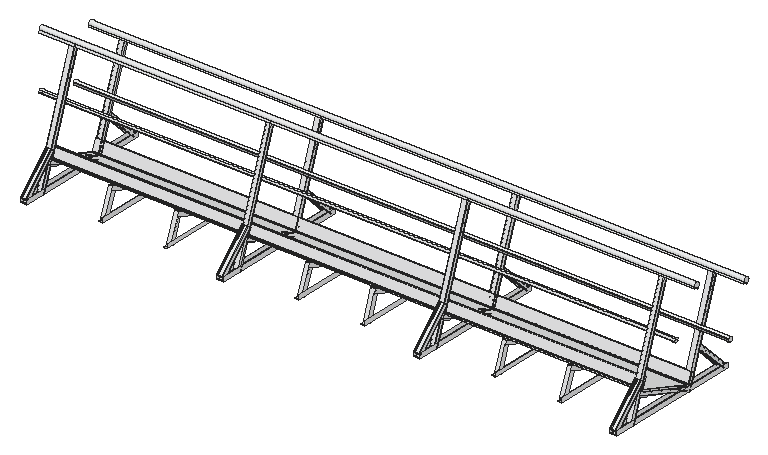
Revit family "Walkway_Kattsafe_Guardrail2Sides_Levelled", category Specialty Equipment, Revit 2025 (continued)
Definition of nested family "z_Guardrail_Kattsafe_HandrailTube"
  Forms (mm)
    Extrusion 1, solid, material <- "Material"
      sketch origin (-25.785, 0, 0) x (0, 1, 0) y (0, 0, 1)
        loop
          arc (21, 18.435) -> (0, 57) -> (-21, 18.435) r 25
          line (-21, 18.435) -> (-21, 0) -> (-20, 0) -> (-20, 15) -> (20, 15) -> (20, 0) -> (21, 0) -> (21, 18.435)
      from 0 to 6000
  Dimensions and locks
    "ManufacturerOverallWidth": plane 8 "Back" to plane 3 "Front"
    "ManufacturerOverallHeight": plane 6 "Top" to plane 1 "Bottom"
    equal spacing: plane 4 "Left", plane 5 "Center (Left/Right)", plane 7 "Right"
    "ManufacturerOverallLength": plane 4 "Left" to plane 7 "Right"
    equal spacing: plane 8 "Back", plane 2 "Center (Front/Back)", plane 3 "Front"
    locked: plane 9 "Rail_Top" to plane 1 "Bottom" at 15
    aligned and locked: plane 1 "Bottom" to level
    aligned and locked: Extrusion 1 sketch curve to plane 1 "Bottom"  (x2)
    aligned and locked: Extrusion 1 to plane 4 "Left"
    aligned and locked: Extrusion 1 to plane 7 "Right"
  Automatic sketch dimensions
    Extrusion 1 sketch curve to plane 2 "Center (Front/Back)" = 0 mm
    Extrusion 1 sketch curve to Extrusion 1 sketch curve = 3.435 mm
    Extrusion 1 sketch curve to plane 9 "Rail_Top" = 3.435 mm
    Extrusion 1 sketch curve to Extrusion 1 sketch curve = 1 mm  (x2)
    plane 3 "Front" to Extrusion 1 sketch curve = 5 mm
    Extrusion 1 sketch curve to plane 9 "Rail_Top" = 17 mm
    plane 9 "Rail_Top" to Extrusion 1 sketch curve = 0 mm
Definition of nested family "z_Guardrail_Kattsafe_KneerailTube"
  Parameters (values of type "GW375")
    URL = "https://kattsafe.com.au/"
    Type Comments = ""
    ModifiedIssue = 20190911
    Model = "GW375"
    Material [instance] = none
    ManufacturerURLProductSpecific = ""
    ManufacturerSpecCode = Model  # "GW375"
    ManufacturerOverallWidth = 34.3 mm  # constant formula
    ManufacturerOverallLength [instance] = 6000 mm
    ManufacturerOverallHeight = 40 mm  # constant formula
    Manufacturer = "SAYFA"  # constant formula
    Keynote = ""
    Description = "Sentry Kneerail Tube"
    Default Elevation = 0 mm  # constant formula
    CreatedBy = "IGS BIM Solutions"  # constant formula
    CreatedByURL = "https://igsgroup.com.au"
  Reference planes
    plane 1 "Bottom": z = 0
    plane 2 "Center (Front/Back)": y = 1.438
    plane 3 "Front": y = -17.15
    plane 4 "Left": x = -25.785
    plane 5 "Center (Left/Right)": x = 2974.215
    plane 6 "Top": z = 40
    plane 7 "Right": x = 5974.215
    plane 8 "Back": y = 17.15
    plane 9 "Center (Elevation)": z = 20
  Forms (mm)
    Extrusion 1, solid, material <- "Material"
      sketch origin (2974.215, 0, 0) x (0, 1, 0) y (0, 0, -1)
        loop
          line (17.15, -32.374) -> (17.15, -7.626)
          arc (17.15, -7.626) -> (-1.443, -0.208) -> (-17.15, -12.617) r 20
          line (-17.15, -12.617) -> (-13.15, -12.617) -> (-13.15, -27.383) -> (-17.15, -27.383)
          arc (-17.15, -27.383) -> (-1.443, -39.792) -> (17.15, -32.374) r 20
      from -3000 to 3000
  Dimensions and locks
    "ManufacturerOverallWidth": plane 8 "Back" to plane 3 "Front"
    "ManufacturerOverallHeight": plane 6 "Top" to plane 1 "Bottom"
    equal spacing: plane 4 "Left", plane 5 "Center (Left/Right)", plane 7 "Right"
    "ManufacturerOverallLength": plane 4 "Left" to plane 7 "Right"
    equal spacing: plane 6 "Top", plane 9 "Center (Elevation)", plane 1 "Bottom"
    aligned and locked: plane 1 "Bottom" to level
    aligned and locked: Extrusion 1 to plane 7 "Right"
    aligned and locked: Extrusion 1 to plane 4 "Left"
  Automatic sketch dimensions
    Extrusion 1 sketch curve to Extrusion 1 sketch curve = 0 mm  (x2)
    Extrusion 1 sketch curve to plane 3 "Front" = 0 mm  (x2)
    Extrusion 1 sketch curve to plane 2 "Center (Front/Back)" = 0 mm
    Extrusion 1 sketch curve to plane 8 "Back" = 0 mm
    plane 9 "Center (Elevation)" to Extrusion 1 sketch curve = 0 mm
    Extrusion 1 sketch curve to Extrusion 1 sketch curve = 4 mm
    Extrusion 1 sketch curve to plane 9 "Center (Elevation)" = 7.383 mm
    plane 9 "Center (Elevation)" to Extrusion 1 sketch curve = 7.383 mm
Definition of nested family "z_Guardrail_Kattsafe_HandrailClosureBend"
  Parameters (values of type "GW387")
    URL = "https://kattsafe.com.au/"
    Type Comments = ""
    ModifiedIssue = 20190917
    Model = "GW387"
    Material [instance] = none
    ManufacturerURLProductSpecific = ""
    ManufacturerSpecCode = Model  # "GW387"
    ManufacturerOverallWidth = 50 mm  # constant formula
    ManufacturerOverallLength [instance] = 400 mm  # constant formula
    ManufacturerOverallHeight = 532 mm  # constant formula
    Manufacturer = "SAYFA"  # constant formula
    Keynote = ""
    Description = "Handrail Closure Bend"
    Default Elevation = 0 mm  # constant formula
    CreatedBy = "IGS BIM Solutions"  # constant formula
    CreatedByURL = "https://igsgroup.com.au"
  Reference planes
    plane 1 "Bottom": z = 0
    plane 2 "Center (Front/Back)": y = 0
    plane 3 "Front": y = -25
    plane 4 "Left": x = -25.785
    plane 5 "Center (Left/Right)": x = 174.215
    plane 6 "Top": z = 532
    plane 7 "Right": x = 374.215
    plane 8 "Handrail_Back": y = 25
    plane 9 "Kneerail_Centre (Front/Back)": y = 34.7
    plane 10 "Kneerail_Centre (Elevation)": z = 20
    plane 11 "Handrail_Centre (Elevation)": z = 507
    plane 12 "Back": y = 59.69
  Forms (mm)
    Sweep 1, solid, material <- "Material"
      path origin (0, 36.034, 1.282) x (1, 0, 0) y (0, -0.071072, 0.997471)
        loop
          line (374.215, 532) -> (74.215, 532)
          arc (74.215, 532) -> (3.505, 502.711) -> (-25.785, 432) r 100
          line (-25.785, 432) -> (-25.785, 93.9)
          arc (-25.785, 93.9) -> (3.505, 23.189) -> (74.215, -6.1) r 100
          line (74.215, -6.1) -> (164.215, -6.1)
      profile origin (224.215, -1.777, 531.937) x (0, 0.071072, -0.997471) y (0, -0.997471, -0.071072)
        loop
          circle (25, 0) r 25
    SweptBlend 2, solid, material <- "Material"
      path origin (0, 34.7, 0) x (-1, 0, 0) y (0, 0, 1)
        loop
          line (-164.215, 20) -> (-174.215, 20)
      profile origin (164.215, 34.7, 20) x (0, 0, 1) y (0, -1, 0)
        loop
          circle (0, 0) r 25
      end profile origin (174.215, 34.7, 20) x (0, 0, 1) y (0, -1, 0)
        loop
          circle (0, 0) r 20
  Lines and regions (mm)
    symbolic lines
      curve 1: circle (374.215, 34.7, 20) r 25 normal (1, 0, 0)
  Dimensions and locks
    "ManufacturerOverallWidth": plane 8 "Handrail_Back" to plane 3 "Front"
    "ManufacturerOverallHeight": plane 6 "Top" to plane 1 "Bottom"
    equal spacing: plane 4 "Left", plane 5 "Center (Left/Right)", plane 7 "Right"
    "ManufacturerOverallLength": plane 4 "Left" to plane 7 "Right"
    equal spacing: plane 8 "Handrail_Back", plane 2 "Center (Front/Back)", plane 3 "Front"
    locked: plane 2 "Center (Front/Back)" to plane 9 "Kneerail_Centre (Front/Back)" at 34.7
    locked: profile plane to Sweep 1 sketch curve at 25
    Sweep 1 sketch curve to plane 5 "Center (Left/Right)" = 10 mm
    locked: plane 12 "Back" to plane 3 "Front" at 84.69
    radius of Sweep 1 sketch curve = 100 mm  (x2)
    radius of SweptBlend 2 sketch curve = 25 mm
    radius of SweptBlend 2 sketch curve = 20 mm
    aligned and locked: plane 1 "Bottom" to level
    aligned and locked: Sweep 1 sketch curve to plane 4 "Left"
    aligned and locked: profile plane to Sweep 1 sketch curve
    aligned and locked: plane 10 "Kneerail_Centre (Elevation)" to SweptBlend 2 sketch curve
    aligned and locked: profile plane to SweptBlend 2 sketch curve  (x4)
  Automatic sketch dimensions
    curve 1 to plane 9 "Kneerail_Centre (Front/Back)" = 0 mm
    plane 10 "Kneerail_Centre (Elevation)" to curve 1 = 0 mm
    Sweep 1 sketch curve to plane 7 "Right" = 0 mm
    Sweep 1 sketch curve to Sweep 1 sketch curve = 338.1 mm
    plane 5 "Center (Left/Right)" to SweptBlend 2 sketch curve = 0 mm
    SweptBlend 2 sketch curve to plane 5 "Center (Left/Right)" = 10 mm
    radius of curve 1 = 25 mm
    radius of Sweep 1 sketch curve = 25 mm
Definition of nested family "z_Guardrail_Kattsafe_ToeBoard"
  Parameters (values of type "GW320")
    URL = "https://kattsafe.com.au/"
    Type Comments = ""
    ModifiedIssue = 20190930
    Model = "GW320"
    Material [instance] = none
    ManufacturerURLProductSpecific = ""
    ManufacturerSpecCode = Model  # "GW320"
    ManufacturerOverallWidth = 25 mm  # constant formula
    ManufacturerOverallLength [instance] = 6000 mm
    ManufacturerOverallHeight = 100 mm  # constant formula
    Manufacturer = "SAYFA"  # constant formula
    Keynote = ""
    Description = "SENTRY Toe Board 100 x 25 C Section"
    Default Elevation = 0 mm  # constant formula
    CreatedBy = "IGS BIM Solutions"  # constant formula
    CreatedByURL = "https://igsgroup.com.au"
  Reference planes
    plane 1 "Bottom": z = 0
    plane 2 "Center (Front/Back)": y = 0
    plane 3 "Front": y = -12.5
    plane 4 "Left": x = -25.785
    plane 5 "Center (Left/Right)": x = 2974.215
    plane 6 "Top": z = 100
    plane 7 "Right": x = 5974.215
    plane 8 "Back": y = 12.5
  Forms (mm)
    Extrusion 1, solid, material <- "Material"
      sketch origin (-25.785, 0, 0) x (0, 1, 0) y (0, 0, 1)
        loop
          line (12.5, 0) -> (12.5, 100) -> (-12.5, 100) -> (-12.5, 97) -> (9.5, 97) -> (9.5, 3) -> (-12.5, 3) -> (-12.5, 0) -> (12.5, 0)
      from 0 to 6000
  Dimensions and locks
    "ManufacturerOverallWidth": plane 8 "Back" to plane 3 "Front"
    "ManufacturerOverallHeight": plane 6 "Top" to plane 1 "Bottom"
    equal spacing: plane 4 "Left", plane 5 "Center (Left/Right)", plane 7 "Right"
    "ManufacturerOverallLength": plane 4 "Left" to plane 7 "Right"
    equal spacing: plane 8 "Back", plane 2 "Center (Front/Back)", plane 3 "Front"
    aligned and locked: plane 1 "Bottom" to level
    aligned and locked: Extrusion 1 to plane 4 "Left"
    aligned and locked: Extrusion 1 to plane 7 "Right"
  Automatic sketch dimensions
    level to Extrusion 1 sketch curve = 0 mm
    Extrusion 1 sketch curve to plane 3 "Front" = 0 mm
    plane 6 "Top" to Extrusion 1 sketch curve = 0 mm
    Extrusion 1 sketch curve to plane 8 "Back" = 0 mm
    plane 2 "Center (Front/Back)" to Extrusion 1 sketch curve = 12.5 mm
    level to Extrusion 1 sketch curve = 3 mm
    plane 8 "Back" to Extrusion 1 sketch curve = 3 mm
    plane 6 "Top" to Extrusion 1 sketch curve = 3 mm
Definition of nested family "z_Walkway_Kattsafe_Aluminium"
  Parameters (values of type "GW335.6000")
    WalkwayMaterial [instance] = none
    URL = "https://kattsafe.com.au/"
    Type Comments = ""
    ModifiedIssue = 20190911
    Model = "GW335.6000"
    Material [instance] = none
    ManufacturerURLProductSpecific = ""
    ManufacturerSpecCode = Model  # "GW335.6000"
    ManufacturerOverallWidth [instance] = 600 mm
    ManufacturerOverallLength [instance] = 6000 mm
    ManufacturerOverallHeight = 13 mm  # constant formula
    Manufacturer = "SAYFA"  # constant formula
    Keynote = ""
    End2_Angle_Calc [instance] = if(1 = 1, End2_Angle + 90.00°, 0.00°)  # 90.00°
    End2_Angle [instance] = 0.00°
    End1_Angle_Calc [instance] = if(1 = 1, End1_Angle + 90.00°, 0.00°)  # 90.00°
    End1_Angle [instance] = 0.00°
    Description = "Pace 600 Aluminium Walkway Mesh"
    Default Elevation = 0 mm  # constant formula
    CreatedBy = "IGS BIM Solutions"  # constant formula
    CreatedByURL = "https://igsgroup.com.au"
  Reference planes
    plane 1 "Bottom": z = 0
    plane 2 "Center (Front/Back)": y = 0
    plane 3 "Front": y = -300
    plane 4 "Left": x = -25.785
    plane 5 "Center (Left/Right)": x = 2974.215
    plane 6 "Top": z = 13
    plane 7 "Right": x = 5974.215
    plane 8 "Back": y = 300
    plane 9 "InsetBack": y = 299
    plane 10 "InsetFront": y = -299
  Forms (mm)
    Extrusion 1, solid, material <- "Material"
      sketch origin (0, 0, 0) x (1, 0, 0) y (0, 1, 0)
        loop
          line (-25.785, 300) -> (-25.785, -300) -> (5974.215, -300) -> (5974.215, 300) -> (-25.785, 300)
        loop
          line (-24.785, 299) -> (-24.785, -299) -> (5973.215, -299) -> (5973.215, 299) -> (-24.785, 299)
      from 0 to 13
    Extrusion 2, solid, material <- "WalkwayMaterial"
      sketch origin (0, 0, 0) x (1, 0, 0) y (0, 1, 0)
        loop
          line (-24.785, 299) -> (-24.785, -299) -> (5973.215, -299) -> (5973.215, 299) -> (-24.785, 299)
      from 0 to 13
  Lines and regions (mm)
    reference lines
      curve 1: line (-25.785, -300, 0) -> (-25.785, 300, 0)
      curve 2: line (5974.215, -300, 0) -> (5974.215, 300, 0)
      curve 3: line (-24.785, 300, 0) -> (-24.785, -300, 0)
      curve 4: line (5973.215, -300, 0) -> (5973.215, 300, 0)
  Dimensions and locks
    "ManufacturerOverallWidth": plane 8 "Back" to plane 3 "Front"
    "ManufacturerOverallHeight": plane 6 "Top" to plane 1 "Bottom"
    equal spacing: plane 4 "Left", plane 5 "Center (Left/Right)", plane 7 "Right"
    "ManufacturerOverallLength": plane 4 "Left" to plane 7 "Right"
    equal spacing: plane 8 "Back", plane 2 "Center (Front/Back)", plane 3 "Front"
    locked: plane 9 "InsetBack" to plane 8 "Back" at 1
    locked: plane 10 "InsetFront" to plane 3 "Front" at 1
    locked: curve 3 to curve 1 at 1
    locked: curve 2 to curve 4 at 1
    "End1_Angle_Calc": angle curve 1 to plane 3 "Front"
    "End2_Angle_Calc": angle plane 3 "Front" to curve 2
    "End1_Angle_Calc": angle curve 3 to plane 3 "Front"
    "End2_Angle_Calc": angle plane 3 "Front" to curve 4
    aligned and locked: plane 1 "Bottom" to level
    aligned and locked: Extrusion 1 to plane 3 "Front"
    aligned and locked: Extrusion 1 to plane 8 "Back"
    aligned and locked: Extrusion 1 to plane 1 "Bottom"
    aligned and locked: Extrusion 1 to plane 6 "Top"
    aligned and locked: plane 4 "Left" to curve 1
    aligned and locked: plane 3 "Front" to curve 1
    aligned and locked: plane 8 "Back" to curve 1
    aligned and locked: plane 7 "Right" to curve 2
    aligned and locked: plane 3 "Front" to curve 2
    aligned and locked: plane 8 "Back" to curve 2
    aligned and locked: plane 9 "InsetBack" to Extrusion 1 sketch curve
    aligned and locked: plane 10 "InsetFront" to Extrusion 1 sketch curve
    aligned and locked: plane 9 "InsetBack" to Extrusion 2 sketch curve
    aligned and locked: plane 10 "InsetFront" to Extrusion 2 sketch curve
    aligned and locked: Extrusion 2 to plane 6 "Top"
    aligned and locked: Extrusion 2 to plane 1 "Bottom"
    aligned and locked: plane 3 "Front" to curve 3
    aligned and locked: plane 8 "Back" to curve 3
    aligned and locked: plane 3 "Front" to curve 4
    aligned and locked: plane 8 "Back" to curve 4
    aligned and locked: Extrusion 2 sketch curve to curve 4
    aligned and locked: Extrusion 2 sketch curve to curve 3
    aligned and locked: Extrusion 1 sketch curve to curve 3
    aligned and locked: Extrusion 1 sketch curve to curve 1
    aligned and locked: Extrusion 1 sketch curve to curve 4
    aligned and locked: Extrusion 1 sketch curve to curve 2
  Automatic sketch dimensions
    plane 8 "Back" to Extrusion 1 sketch curve = 0 mm
    Extrusion 1 sketch curve to plane 3 "Front" = 0 mm
